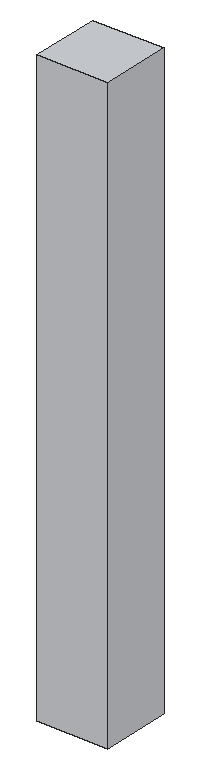
Revit family "직사각형 기둥", category 기둥, Revit 2026
Family settings
  로드될 때 보이드를 사용하여 절단 = 아니오
  자동으로 형상을 벽에 결합합니다 = 예
  공유 = 아니오
  평면도에서 미리 절단된 패밀리 표시 = 예
Parameters (values of type "457 x 475mm")
  깊이 = 475 mm
  재료 = none
  간격띄우기 베이스 = 0 mm
  간격띄우기 상단 = 0 mm
  폭 = 475 mm
Types (3, lengths in mm): name | 깊이 | 폭
  475 x 610mm | 475 | 610
  610 x 610mm | 610 | 610
  457 x 475mm | 475 | 475
Reference planes
  plane 1: y = 0
  plane 2: z = 0
  plane 3: x = 0
  plane 4: z = 4000
  plane 5: z = 0
  plane 6: x = -237.5
  plane 7: x = 237.5
  plane 8: y = -237.5
  plane 9: y = 237.5
Forms (mm)
  Extrusion 1, solid, material <- "재료"
    sketch origin (0, 0, 0) x (1, 0, 0) y (0, 1, 0)
      loop
        line (-237.5, 237.5) -> (-237.5, -237.5) -> (237.5, -237.5) -> (237.5, 237.5) -> (-237.5, 237.5)
    from 0 to 4000
Dimensions and locks
  "간격띄우기 베이스": plane 5 to level
  "간격띄우기 상단": level to plane 4
  equal spacing: plane 6, plane 3, plane 7
  "폭": plane 6 to plane 7
  equal spacing: plane 8, plane 1, plane 9
  "깊이": plane 8 to plane 9
  aligned and locked: plane 4 to Extrusion 1
  aligned and locked: Extrusion 1 to plane 5
Automatic sketch dimensions
  Extrusion 1 sketch curve to plane 6 = 0 mm
  Extrusion 1 sketch curve to plane 7 = 0 mm
  Extrusion 1 sketch curve to plane 8 = 0 mm
  Extrusion 1 sketch curve to plane 9 = 0 mm
